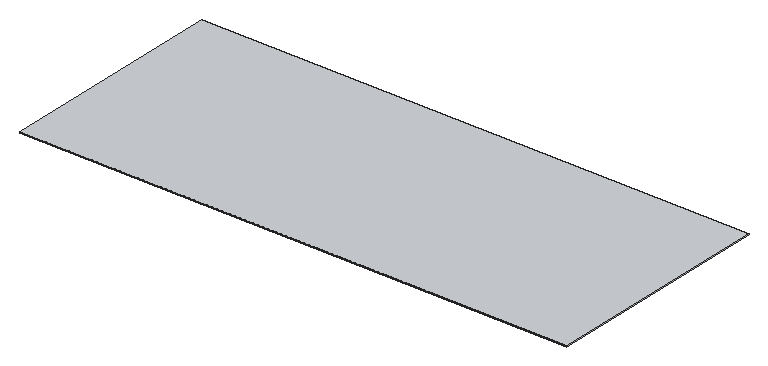
Revit family "Парковочное место_Обычное_Угловое", category Парковка, Revit 2021
Family settings
  На основе рабочей плоскости = Нет
  Всегда вертикально = Нет
  При загрузке вырезать с полостями = Нет
  Общий = Нет
Parameters (values of type "Для копирования")
  Средний спереди = no
  Средний сбоку = no
  Значок МГН = no
  Cмещение от уровня [instance] = 0 mm
  Цвет = none
  Угол [instance] = 45.00°
  Угловая машина - [instance] = and(Угловая машина, Угол < 0.00°)  # no
  Угловая машина + [instance] = and(Угловая машина, Угол > 0.00°)  # no
  Угловая машина [instance] = no
  Средний = yes
  Площадь м/м [instance] = if(Угловая машина, ADSK_Размер_Длина * ADSK_Размер_Ширина + 0.5 * ADSK_Размер_Ширина * ADSK_Размер_Ширина * abs(tan(Угол)), ADSK_Размер_Длина * ADSK_Размер_Ширина)  # 15.00 m²
  Номер машины [instance] = 0
  Малый = no
  Класс машины = "М"
  Включить контур [instance] = yes
  Видимость линии [instance] = not(Угловая машина)  # yes
  Большой = no
  ADSK_Размер_Ширина [instance] = 2500 mm
  ADSK_Размер_Длина [instance] = 6000 mm
Reference planes
  plane 1 "По центру (Вперед/Назад)": y = 0
  plane 2: z = 0
  plane 3 "По центру (Влево/Вправо)": x = 0
  plane 4: x = 3000
  plane 5: x = -3000
  plane 6: y = -1250
  plane 7: y = 1250
  plane 8: x = -2350
  plane 9: x = 2350
  plane 10: x = -1850
Forms (mm)
  Extrusion 1, solid, material <- "Цвет"
    sketch origin (0, 0, 0) x (1, 0, 0) y (0, 1, 0)
      loop
        line (-3000, 1250) -> (-3000, -1250) -> (3000, -1250) -> (3000, 1250) -> (-3000, 1250)
    from -10 to 0
Lines and regions (mm)
  symbolic lines, visible <- "Малый", not visible
    curve 1: line (11793.327, 1500, 0) -> (15493.327, 1500, 0)
    curve 2: line (11793.327, -100, 0) -> (11793.327, 1500, 0)
    curve 3: line (15493.327, -100, 0) -> (11793.327, -100, 0)
    curve 4: line (15493.327, 1500, 0) -> (15493.327, -100, 0)
  symbolic lines, visible <- "Большой", not visible
    curve 5: line (9695.804, 7876.358, 0) -> (14395.804, 7876.358, 0)
    curve 6: line (9695.804, 5976.358, 0) -> (9695.804, 7876.358, 0)
    curve 7: line (14395.804, 5976.358, 0) -> (9695.804, 5976.358, 0)
    curve 8: line (14395.804, 7876.358, 0) -> (14395.804, 5976.358, 0)
  symbolic lines, visible <- "Включить контур"
    curve 9: line (-2350, 950, 0) -> (2350, 950, 0)
    curve 10: line (-2350, -950, 0) -> (-2350, 950, 0)
    curve 11: line (2350, -950, 0) -> (-2350, -950, 0)
    curve 12: line (2350, 950, 0) -> (2350, -950, 0)
  symbolic lines, visible <- "Включить контур", not visible
    curve 13: line (-2325, 950, 0) -> (2375, 950, 0)
    curve 14: line (-2325, -950, 0) -> (-2325, 950, 0)
    curve 15: line (2375, -950, 0) -> (-2325, -950, 0)
    curve 16: line (2375, 950, 0) -> (2375, -950, 0)
  symbolic lines, style "Обозначение машиноместа"
    curve 17: line (-3000, 1250, 0) -> (3000, 1250, 0)
    curve 19: line (-3000, -1250, 0) -> (-3000, 1250, 0)
    curve 20: line (3000, -1250, 0) -> (-3000, -1250, 0)
  symbolic lines, style "Обозначение машиноместа", visible <- "Видимость линии"
    curve 18: line (3000, 1250, 0) -> (3000, -1250, 0)
  symbolic lines, visible <- "Малый"
    curve 21: line (-1850, 800, 0) -> (1850, 800, 0)
    curve 22: line (-1850, -800, 0) -> (-1850, 800, 0)
    curve 23: line (1850, -800, 0) -> (-1850, -800, 0)
    curve 24: line (1850, 800, 0) -> (1850, -800, 0)
  symbolic lines, visible <- "Большой"
    curve 25: line (-2350, 950, 0) -> (2350, 950, 0)
    curve 26: line (-2350, -950, 0) -> (-2350, 950, 0)
    curve 27: line (2350, -950, 0) -> (-2350, -950, 0)
    curve 28: line (2350, 950, 0) -> (2350, -950, 0)
Dimensions and locks
  equal spacing: plane 5, plane 3 "По центру (Влево/Вправо)", plane 4
  "ADSK_Размер_Длина": plane 5 to plane 4
  equal spacing: plane 6, plane 1 "По центру (Вперед/Назад)", plane 7
  "ADSK_Размер_Ширина": plane 7 to plane 6
  locked: plane 8 to plane 3 "По центру (Влево/Вправо)" at 2350
  locked: plane 3 "По центру (Влево/Вправо)" to plane 9 at 2350
  plane 10 to plane 3 "По центру (Влево/Вправо)" = 1850 mm
  aligned and locked: level to plane 2
  aligned and locked: plane 1 "По центру (Вперед/Назад)" to import instance
  aligned and locked: level to import instance
  aligned and locked: Extrusion 1 to plane 5
  aligned and locked: Extrusion 1 to plane 6
  aligned and locked: Extrusion 1 to plane 7
  aligned and locked: plane 7 to curve 17
  aligned and locked: plane 5 to curve 19
  aligned and locked: plane 6 to curve 20
  aligned and locked: plane 8 to curve 10
  aligned and locked: plane 8 to curve 26
  aligned and locked: curve 20 to Extrusion 1 sketch curve
  aligned and locked: Extrusion 1 sketch curve to curve 17
  aligned and locked: plane 4 to curve 18
  aligned and locked: plane 4 to Extrusion 1 sketch curve
  aligned and locked: nested 1 to plane 4
  aligned and locked: nested 1 to plane 7
  aligned and locked: Extrusion 1 to nested 2
  aligned and locked: plane 4 to nested 2
  aligned and locked: plane 10 to curve 22
Automatic sketch dimensions
  Extrusion 1 sketch curve to plane 5 = 0 mm
Nested families
  nested 1: "Угол" at (3000, -1250, 0), ADSK_Размер_Ширина <- "ADSK_Размер_Ширина", Угол1 <- "Угол", visible <- "Угловая машина +", type "Угол"
    with Угол1 45.00°, Площадь треугольника 3.125 m², ADSK_Размер_Ширина 2500 mm
  nested 2: "Угол" at (3000, 1250, 0) x (-1, 0, 0) z (0, 0, 1), ADSK_Размер_Ширина <- "ADSK_Размер_Ширина", Угол1 <- "Угол", visible <- "Угловая машина -", type "Угол"
    with Угол1 45.00°, Площадь треугольника 3.125 m², ADSK_Размер_Ширина 2500 mm
Definition of nested family "Угол"
  Parameters (values of type "Угол")
    Цвет = none
    Угол1 [instance] = 15.00°
    Площадь треугольника [instance] = 0.5 * ADSK_Размер_Ширина * ADSK_Размер_Ширина * tan(Угол1)  # 0.837341 m²
    ADSK_Размер_Ширина [instance] = 2500 mm
  Reference planes
    plane 1 "По центру (Вперед/Назад)": y = 0
    plane 2: z = 0
    plane 3 "По центру (Влево/Вправо)": x = 0
    plane 4: through (0.414, -0.054, 4000) normal (-0.9659, 0.2588, 0)
    plane 5: y = 2500
  Forms (mm)
    Extrusion 1, solid, material <- "Цвет"
      sketch origin (0, 777.616, 0) x (1, 0, 0) y (0, 1, 0)
        loop
          line (0, 1722.384) -> (0, -779.215) -> (670.301, 1722.384) -> (0, 1722.384)
      from -10 to 0
  Lines and regions (mm)
    symbolic lines, not visible
      curve 1: line (11793.327, 1500, 0) -> (15493.327, 1500, 0)
      curve 2: line (11793.327, -100, 0) -> (11793.327, 1500, 0)
      curve 3: line (15493.327, -100, 0) -> (11793.327, -100, 0)
      curve 4: line (15493.327, 1500, 0) -> (15493.327, -100, 0)
      curve 5: line (9695.804, 7876.358, 0) -> (14395.804, 7876.358, 0)
      curve 6: line (9695.804, 5976.358, 0) -> (9695.804, 7876.358, 0)
      curve 7: line (14395.804, 5976.358, 0) -> (9695.804, 5976.358, 0)
      curve 8: line (14395.804, 7876.358, 0) -> (14395.804, 5976.358, 0)
      curve 9: line (-2325, 950, 0) -> (2375, 950, 0)
      curve 10: line (-2325, -950, 0) -> (-2325, 950, 0)
      curve 11: line (2375, -950, 0) -> (-2325, -950, 0)
      curve 12: line (2375, 950, 0) -> (2375, -950, 0)
    model lines
      curve 13: line (0, 2500, 0) -> (670.301, 2500, 0)
      curve 14: line (0, -1.599, 0) -> (670.301, 2500, 0)
  Dimensions and locks
    "ADSK_Размер_Ширина": plane 1 "По центру (Вперед/Назад)" to plane 5
    "Угол1": angle plane 4 to plane 3 "По центру (Влево/Вправо)"
    aligned and locked: level to plane 2
    aligned and locked: plane 3 "По центру (Влево/Вправо)" to Extrusion 1 sketch curve
    aligned and locked: Extrusion 1 sketch curve to plane 4
    aligned and locked: plane 5 to Extrusion 1
    aligned and locked: curve 13 to plane 5
    aligned and locked: curve 14 to plane 4
  Automatic sketch dimensions
    Extrusion 1 sketch curve to plane 5 = 0 mm
    curve 14 to plane 3 "По центру (Влево/Вправо)" = 0 mm
    curve 13 to plane 3 "По центру (Влево/Вправо)" = 0 mm
